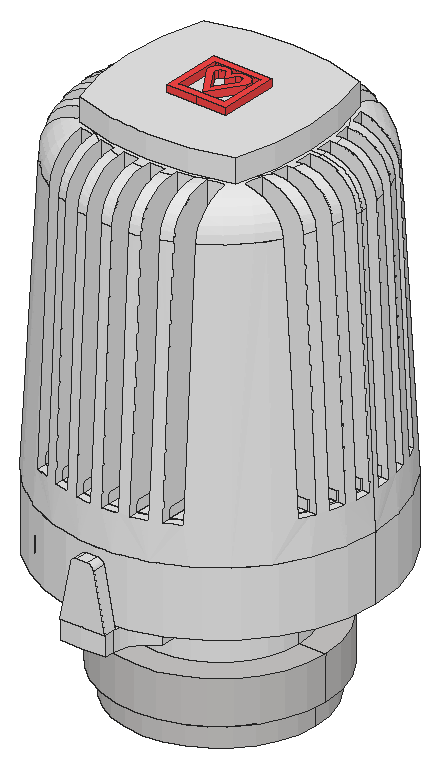
Revit family "Термостатическая головка HERZ, с присоединительной резьбой М 28х1.5, 7230", category Rohrzubehör, Revit 2019
Family settings
  Bemaßung runder Anschluss = Durchmesser verwenden
  Teiletyp = Normal
  OmniClass-Nummer = 23.65.55.14
  OmniClass-Titel = Valves for Liquid Services
  Arbeitsebenenbasiert = Nein
  Immer vertikal = Nein
  Beim Laden mit Abzugskörper schneiden = Nein
  Gemeinsam genutzt = Nein
Parameters
  Принцип действия = "HERZ-термостатическая головка является датчиком прямого регулирования.\r\nИзменение объема жидкости в HERZ-гидросенсоре приводит в движение шток клапана."
  Область применения = "Для монтажа на всех HERZ-клапанах, предназначенных для термостатической работы."
  Номер заказа = 1723006  # constant formula
  Маховик = "Пластик, белый"  # constant formula
  Исполнение = "Термостатическая головка с жидкостным датчиком (гидросенсором) с позициями теплового запираниия \"0\" и морозозащиты, с ограничением и блокировкой диапазона регулирования. Цвет маховика - белый."
  Диапазон регулирования = "0 - 28°C"  # constant formula
  Автоматическая защита от замерзания = "при прибл. 6 °C"  # constant formula
  W02 = 120.00°  # constant formula
  W01 = 135.00°  # constant formula
  URL = "www.herz-armaturen.ru"
  S02 = 60.000 mm  # constant formula
  S01 = H02 + H07  # 76.000 mm
  R07 = 6.000 mm  # constant formula
  R06 = 24.000 mm  # constant formula
  R05 = 16.350 mm  # constant formula
  R04 = 14.750 mm  # constant formula
  R03 = 13.200 mm  # constant formula
  R02 = 12.200 mm  # constant formula
  R01 = 22.400 mm  # constant formula
  Hersteller = "HERZ Armaturen Ges.m.b.H."  # constant formula
  H09 = 3.500 mm  # constant formula
  H08 = 10.000 mm  # constant formula
  H07 = 59.000 mm  # constant formula
  H06 = 3.000 mm  # constant formula
  H05 = 10.500 mm  # constant formula
  H03 = 5.500 mm  # constant formula
  H02 = 17.000 mm  # constant formula
  H01 = 34.000 mm  # constant formula
Reference planes
  plane 1 "Mitte (Vorne/hinten)": y = 0
  plane 2: z = 0
  plane 3 "Mitte (Links/rechts)": x = 0
Forms (mm)
  Revolve 1, solid, material "Kunststoff weiß", detail levels fine
    sketch origin (0, 0, 0) x (1, 0, 0) y (0, 0, 1)
      loop
        line (0, 0) -> (13.2, 0) -> (13.2, 4.5) -> (12.2, 5.5) -> (12.2, 17) -> (22.4, 17) -> (22.4, 34) -> (0, 34) -> (0, 0)
      axis (0, 34) -> (0, 0)
    angle from 0 to 360
  Revolve 2, solid, material "Messing verzinkt", detail levels fine
    sketch origin (0, 0, 0) x (1, 0, 0) y (0, 0, 1)
      loop
        line (0, 5.5) -> (13.2, 5.5) -> (13.2, -3.063) -> (14.75, -3.063) -> (14.75, -0.063) -> (16.35, 0.861) -> (16.35, 7.437) -> (0, 7.437) -> (0, 5.5)
      axis (0, 7.437) -> (0, -3.063)
    angle from 0 to 360
  Revolve 3, solid, material "Kunststoff weiß", detail levels fine
    sketch origin (0, 0, 0) x (1, 0, 0) y (0, 0, 1)
      loop
        line (0, 17) -> (24, 17) -> (24, 27) -> (21.791, 70.306)
        arc (21.791, 70.306) -> (19.931, 74.349) -> (15.798, 76) r 6
        line (15.798, 76) -> (0, 76) -> (0, 17)
      axis (0, 76) -> (0, 17)
    angle from 0 to 360
  Extrusion 4, void
    sketch origin (0, 0, 0) x (1, 0, 0) y (0, 1, 0)
      loop
        line (24.458, 0.8) -> (24.458, 3.2) -> (14.361, 3.2)
        arc (14.361, 3.2) -> (14.446, 2.001) -> (14.491, 0.8) r 37
        line (14.491, 0.8) -> (24.458, 0.8)
      loop
        line (24.458, 4.8) -> (24.458, 7.2) -> (13.793, 7.2)
        arc (13.793, 7.2) -> (14.01, 6.003) -> (14.187, 4.8) r 37
        line (14.187, 4.8) -> (24.458, 4.8)
      loop
        line (24.458, 8.8) -> (24.458, 11.2) -> (12.764, 11.2)
        arc (12.764, 11.2) -> (13.121, 10.006) -> (13.438, 8.8) r 37
        line (13.438, 8.8) -> (24.458, 8.8)
      loop
        line (24.458, -0.8) -> (14.491, -0.8)
        arc (14.491, -0.8) -> (14.446, -2.001) -> (14.361, -3.2) r 37
        line (14.361, -3.2) -> (24.458, -3.2) -> (24.458, -0.8)
      loop
        line (24.458, -4.8) -> (14.187, -4.8)
        arc (14.187, -4.8) -> (14.01, -6.003) -> (13.793, -7.2) r 37
        line (13.793, -7.2) -> (24.458, -7.2) -> (24.458, -4.8)
      loop
        line (24.458, -8.8) -> (13.438, -8.8)
        arc (13.438, -8.8) -> (13.121, -10.006) -> (12.764, -11.2) r 37
        line (12.764, -11.2) -> (24.458, -11.2) -> (24.458, -8.8)
      loop
        line (-24.458, 0.8) -> (-14.491, 0.8)
        arc (-14.491, 0.8) -> (-14.446, 2.001) -> (-14.361, 3.2) r 37
        line (-14.361, 3.2) -> (-24.458, 3.2) -> (-24.458, 0.8)
      loop
        line (-24.458, 4.8) -> (-14.187, 4.8)
        arc (-14.187, 4.8) -> (-14.01, 6.003) -> (-13.793, 7.2) r 37
        line (-13.793, 7.2) -> (-24.458, 7.2) -> (-24.458, 4.8)
      loop
        line (-24.458, 8.8) -> (-13.438, 8.8)
        arc (-13.438, 8.8) -> (-13.121, 10.006) -> (-12.764, 11.2) r 37
        line (-12.764, 11.2) -> (-24.458, 11.2) -> (-24.458, 8.8)
      loop
        line (-24.458, -0.8) -> (-24.458, -3.2) -> (-14.361, -3.2)
        arc (-14.361, -3.2) -> (-14.446, -2.001) -> (-14.491, -0.8) r 37
        line (-14.491, -0.8) -> (-24.458, -0.8)
      loop
        line (-24.458, -4.8) -> (-24.458, -7.2) -> (-13.793, -7.2)
        arc (-13.793, -7.2) -> (-14.01, -6.003) -> (-14.187, -4.8) r 37
        line (-14.187, -4.8) -> (-24.458, -4.8)
      loop
        line (-24.458, -8.8) -> (-24.458, -11.2) -> (-12.764, -11.2)
        arc (-12.764, -11.2) -> (-13.121, -10.006) -> (-13.438, -8.8) r 37
        line (-13.438, -8.8) -> (-24.458, -8.8)
      loop
        line (0.8, 24.458) -> (0.8, 14.491)
        arc (0.8, 14.491) -> (2.001, 14.446) -> (3.2, 14.361) r 37
        line (3.2, 14.361) -> (3.2, 24.458) -> (0.8, 24.458)
      loop
        line (4.8, 24.458) -> (4.8, 14.187)
        arc (4.8, 14.187) -> (6.003, 14.01) -> (7.2, 13.793) r 37
        line (7.2, 13.793) -> (7.2, 24.458) -> (4.8, 24.458)
      loop
        line (8.8, 24.458) -> (8.8, 13.438)
        arc (8.8, 13.438) -> (10.006, 13.121) -> (11.2, 12.764) r 37
        line (11.2, 12.764) -> (11.2, 24.458) -> (8.8, 24.458)
      loop
        line (-0.8, 24.458) -> (-3.2, 24.458) -> (-3.2, 14.361)
        arc (-3.2, 14.361) -> (-2.001, 14.446) -> (-0.8, 14.491) r 37
        line (-0.8, 14.491) -> (-0.8, 24.458)
      loop
        line (-4.8, 24.458) -> (-7.2, 24.458) -> (-7.2, 13.793)
        arc (-7.2, 13.793) -> (-6.003, 14.01) -> (-4.8, 14.187) r 37
        line (-4.8, 14.187) -> (-4.8, 24.458)
      loop
        line (-8.8, 24.458) -> (-11.2, 24.458) -> (-11.2, 12.764)
        arc (-11.2, 12.764) -> (-10.006, 13.121) -> (-8.8, 13.438) r 37
        line (-8.8, 13.438) -> (-8.8, 24.458)
      loop
        line (0.8, -24.458) -> (3.2, -24.458) -> (3.2, -14.361)
        arc (3.2, -14.361) -> (2.001, -14.446) -> (0.8, -14.491) r 37
        line (0.8, -14.491) -> (0.8, -24.458)
      loop
        line (4.8, -24.458) -> (7.2, -24.458) -> (7.2, -13.793)
        arc (7.2, -13.793) -> (6.003, -14.01) -> (4.8, -14.187) r 37
        line (4.8, -14.187) -> (4.8, -24.458)
      loop
        line (8.8, -24.458) -> (11.2, -24.458) -> (11.2, -12.764)
        arc (11.2, -12.764) -> (10.006, -13.121) -> (8.8, -13.438) r 37
        line (8.8, -13.438) -> (8.8, -24.458)
      loop
        line (-0.8, -24.458) -> (-0.8, -14.491)
        arc (-0.8, -14.491) -> (-2.001, -14.446) -> (-3.2, -14.361) r 37
        line (-3.2, -14.361) -> (-3.2, -24.458) -> (-0.8, -24.458)
      loop
        line (-4.8, -24.458) -> (-4.8, -14.187)
        arc (-4.8, -14.187) -> (-6.003, -14.01) -> (-7.2, -13.793) r 37
        line (-7.2, -13.793) -> (-7.2, -24.458) -> (-4.8, -24.458)
      loop
        line (-8.8, -24.458) -> (-8.8, -13.438)
        arc (-8.8, -13.438) -> (-10.006, -13.121) -> (-11.2, -12.764) r 37
        line (-11.2, -12.764) -> (-11.2, -24.458) -> (-8.8, -24.458)
    from 32.5 to 78
  Extrusion 5, solid, material "Kunststoff weiß", detail levels fine
    sketch origin (0, 0, 0) x (1, 0, 0) y (0, 1, 0)
      loop
        arc (12, 12) -> (0, 14) -> (-12, 12) r 37
        arc (-12, 12) -> (-14, 0) -> (-12, -12) r 37
        arc (-12, -12) -> (0, -14) -> (12, -12) r 37
        arc (12, -12) -> (14, 0) -> (12, 12) r 37
    from 76 to 79.5
  Extrusion 6, solid, material "Kunststoff weiß", detail levels fine
    sketch origin (0.017, -0.017, 0) x (0, -1, 0) y (1, 0, 0)
      loop
        line (14.714, 6.983) -> (14.714, -7.017) -> (19.645, -7.017)
        arc (19.645, -7.017) -> (21.761, -4.508) -> (24.882, -3.488) r 6
        line (24.882, -3.488) -> (26.272, -3.488)
        arc (26.272, -3.488) -> (26.5, 0) -> (26.267, 3.488) r 26.5
        line (26.267, 3.488) -> (24.882, 3.488)
        arc (24.882, 3.488) -> (21.777, 4.497) -> (19.66, 6.983) r 6
        line (19.66, 6.983) -> (14.714, 6.983)
    from 14 to 17
  Extrusion 7, solid, material "Kunststoff weiß", detail levels fine
    sketch origin (0.017, -0.017, 0) x (1, 0, 0) y (0, 0, 1)
      loop
        arc (-0.8, 26.1) -> (-1.432, 25.875) -> (-1.779, 25.302) r 1
        line (-1.779, 25.302) -> (-3.488, 17) -> (3.488, 17) -> (1.779, 25.302)
        arc (1.779, 25.302) -> (1.432, 25.875) -> (0.8, 26.1) r 1
        line (0.8, 26.1) -> (-0.8, 26.1)
    from 26.5 to 24.5
Cuts and joins
  Extrusion 4 cuts Revolve 1
  Extrusion 4 cuts Revolve 3
Lines and regions (mm)
  model lines, detail levels coarse+medium
    curve 1: line (0, 0, 0) -> (0, 0, 16)
    curve 2: line (0, 0, 0) -> (0, 16, 0)
    curve 3: circle (0, 0, 46) r 30 normal (0, -1, 0)
    curve 4: circle (0, 0, 46) r 30 normal (1, 0, 0)
    curve 5: line (0, 0, 26) -> (0, 0, 66)
    curve 6: line (0, 17.5, 66) -> (0, -17.5, 66)
    curve 7: line (0, 0, 26) -> (0, 0, 66)
    curve 8: line (-17.5, 0, 66) -> (17.5, 0, 66)
    curve 9: circle (0, 46, 0) r 30 normal (0, 0, 1)
    curve 10: line (0, 26, 0) -> (0, 66, 0)
    curve 11: line (-17.5, 66, 0) -> (17.5, 66, 0)
Dimensions and locks
  "H01": Revolve 1 sketch curve to Revolve 1 sketch curve
  "H02": Revolve 1 sketch curve to Revolve 1 sketch curve
  "H03": Revolve 1 sketch curve to Revolve 1 sketch curve
  "R01": Revolve 1 sketch curve to Revolve 1 sketch curve
  "R02": Revolve 1 sketch curve to Revolve 1 sketch curve
  "R03": Revolve 1 sketch curve to Revolve 1 sketch curve
  "H05": Revolve 2 sketch curve to Revolve 2 sketch curve
  "H06": Revolve 2 sketch curve to Revolve 2 sketch curve
  "H03": Revolve 2 sketch curve to plane 2
  "R04": Revolve 2 sketch curve to plane 3 "Mitte (Links/rechts)"
  "R03": plane 3 "Mitte (Links/rechts)" to Revolve 2 sketch curve
  "R05": Revolve 2 sketch curve to plane 3 "Mitte (Links/rechts)"
  "H08": Revolve 3 sketch curve to Revolve 3 sketch curve
  "R06": Revolve 3 sketch curve to Revolve 3 sketch curve
  "H02": Revolve 3 sketch curve to plane 2
  "H07": Revolve 3 sketch curve to Revolve 3 sketch curve
  "S01": curve 4 to plane 2
  "S01": curve 3 to plane 2
  "S01": plane 1 "Mitte (Vorne/hinten)" to curve 9
  "R07": radius of Revolve 3 sketch curve
  "S02": diameter of curve 3
  "S02": diameter of curve 4
  "S02": diameter of curve 9
  "W01": angle Revolve 1 sketch curve to Revolve 1 sketch curve
  "W02": angle Revolve 2 sketch curve to Revolve 2 sketch curve
  aligned and locked: level to plane 2
Automatic sketch dimensions
  plane 1 "Mitte (Vorne/hinten)" to Extrusion 5 sketch curve = 0.000 mm  (x2)
  Extrusion 5 sketch curve to plane 3 "Mitte (Links/rechts)" = 0.000 mm  (x2)
  Extrusion 5 sketch curve to plane 3 "Mitte (Links/rechts)" = 23.000 mm
  plane 3 "Mitte (Links/rechts)" to Extrusion 5 sketch curve = 23.000 mm
  plane 1 "Mitte (Vorne/hinten)" to Extrusion 5 sketch curve = 23.000 mm
  Extrusion 5 sketch curve to plane 1 "Mitte (Vorne/hinten)" = 23.000 mm
  Extrusion 5 sketch curve to plane 3 "Mitte (Links/rechts)" = 12.000 mm  (x2)
  plane 3 "Mitte (Links/rechts)" to Extrusion 5 sketch curve = 12.000 mm
  plane 1 "Mitte (Vorne/hinten)" to Extrusion 5 sketch curve = 12.000 mm
  Extrusion 4 sketch curve to Extrusion 4 sketch curve = 0.000 mm  (x58)
  plane 1 "Mitte (Vorne/hinten)" to Extrusion 4 sketch curve = 0.000 mm  (x2)
  Extrusion 4 sketch curve to plane 3 "Mitte (Links/rechts)" = 0.000 mm  (x2)
  Extrusion 4 sketch curve to plane 3 "Mitte (Links/rechts)" = 0.800 mm  (x2)
  Extrusion 4 sketch curve to Extrusion 4 sketch curve = 2.400 mm  (x12)
  Extrusion 4 sketch curve to Extrusion 4 sketch curve = 1.600 mm  (x16)
  Extrusion 4 sketch curve to Extrusion 4 sketch curve = 1.564 mm  (x8)
  Extrusion 4 sketch curve to Extrusion 4 sketch curve = 0.674 mm  (x5)
  Extrusion 4 sketch curve to Extrusion 4 sketch curve = 0.354 mm  (x8)
  Extrusion 4 sketch curve to Extrusion 4 sketch curve = 0.395 mm  (x4)
  Extrusion 4 sketch curve to Extrusion 4 sketch curve = 0.174 mm  (x8)
  plane 1 "Mitte (Vorne/hinten)" to Extrusion 4 sketch curve = 0.800 mm  (x2)
  Extrusion 4 sketch curve to Extrusion 4 sketch curve = 0.130 mm  (x2)
  Extrusion 4 sketch curve to plane 1 "Mitte (Vorne/hinten)" = 0.800 mm  (x2)
  Extrusion 4 sketch curve to Extrusion 4 sketch curve = 8.009 mm  (x3)
  Extrusion 4 sketch curve to Extrusion 4 sketch curve = 1.958 mm  (x7)
  plane 3 "Mitte (Links/rechts)" to Extrusion 4 sketch curve = 0.800 mm  (x2)
  Extrusion 4 sketch curve to Extrusion 4 sketch curve = 11.019 mm
  Extrusion 6 sketch curve to plane 3 "Mitte (Links/rechts)" = 0.000 mm
  plane 1 "Mitte (Vorne/hinten)" to Extrusion 6 sketch curve = 0.017 mm
  Extrusion 6 sketch curve to plane 3 "Mitte (Links/rechts)" = 7.000 mm
  plane 1 "Mitte (Vorne/hinten)" to Extrusion 6 sketch curve = 14.731 mm
  Extrusion 6 sketch curve to Extrusion 6 sketch curve = 4.930 mm
  Extrusion 6 sketch curve to Extrusion 6 sketch curve = 4.946 mm
  Extrusion 6 sketch curve to plane 3 "Mitte (Links/rechts)" = 3.471 mm
  Extrusion 6 sketch curve to Extrusion 6 sketch curve = 5.237 mm
  Extrusion 6 sketch curve to Extrusion 6 sketch curve = 5.222 mm
  Extrusion 6 sketch curve to Extrusion 6 sketch curve = 5.470 mm
  Extrusion 6 sketch curve to Extrusion 6 sketch curve = 0.233 mm
  Extrusion 6 sketch curve to Extrusion 6 sketch curve = 1.390 mm
  plane 3 "Mitte (Links/rechts)" to Extrusion 6 sketch curve = 3.505 mm
  Extrusion 6 sketch curve to Extrusion 6 sketch curve = 3.495 mm
  Extrusion 6 sketch curve to Extrusion 6 sketch curve = 0.000 mm
  Extrusion 7 sketch curve to plane 3 "Mitte (Links/rechts)" = 3.471 mm
  Extrusion 7 sketch curve to plane 3 "Mitte (Links/rechts)" = 1.763 mm
  Extrusion 7 sketch curve to plane 3 "Mitte (Links/rechts)" = 0.783 mm
  plane 3 "Mitte (Links/rechts)" to Extrusion 7 sketch curve = 0.817 mm
  Extrusion 7 sketch curve to Extrusion 7 sketch curve = 0.979 mm
  plane 3 "Mitte (Links/rechts)" to Extrusion 7 sketch curve = 3.505 mm
  level to Extrusion 7 sketch curve = 17.000 mm
  Extrusion 7 sketch curve to Extrusion 7 sketch curve = 8.100 mm
  Extrusion 7 sketch curve to Extrusion 7 sketch curve = 0.000 mm
  Extrusion 7 sketch curve to Extrusion 7 sketch curve = 0.202 mm
  curve 5 to plane 1 "Mitte (Vorne/hinten)" = 0.000 mm
  curve 4 to plane 1 "Mitte (Vorne/hinten)" = 0.000 mm
  plane 1 "Mitte (Vorne/hinten)" to curve 6 = 17.500 mm
  curve 5 to curve 6 = 17.500 mm
  curve 5 to curve 4 = 20.000 mm
  curve 4 to curve 6 = 20.000 mm
  curve 3 to plane 3 "Mitte (Links/rechts)" = 0.000 mm
  curve 7 to plane 3 "Mitte (Links/rechts)" = 0.000 mm
  curve 1 to plane 3 "Mitte (Links/rechts)" = 0.000 mm
  curve 1 to level = 0.000 mm
  curve 8 to plane 3 "Mitte (Links/rechts)" = 17.500 mm
  curve 7 to curve 8 = 17.500 mm
  curve 1 to curve 7 = 10.000 mm
  curve 3 to curve 8 = 20.000 mm
  curve 9 to plane 3 "Mitte (Links/rechts)" = 0.000 mm
  curve 10 to plane 3 "Mitte (Links/rechts)" = 0.000 mm
  curve 2 to plane 3 "Mitte (Links/rechts)" = 0.000 mm
  plane 1 "Mitte (Vorne/hinten)" to curve 2 = 0.000 mm
  curve 11 to curve 10 = 17.500 mm
  plane 3 "Mitte (Links/rechts)" to curve 11 = 17.500 mm
  curve 2 to curve 10 = 10.000 mm
  curve 9 to curve 11 = 20.000 mm
  Revolve 1 sketch curve to level = 0.000 mm
  Revolve 1 sketch curve to plane 3 "Mitte (Links/rechts)" = 0.000 mm  (x2)
  Revolve 1 sketch curve to level = 366.045 mm
  Revolve 1 sketch curve to Revolve 1 sketch curve = 2180.315 mm
  Revolve 2 sketch curve to plane 3 "Mitte (Links/rechts)" = 0.000 mm  (x2)
  level to Revolve 2 sketch curve = 0.861 mm
  Revolve 2 sketch curve to Revolve 2 sketch curve = 362.982 mm
  Revolve 2 sketch curve to Revolve 2 sketch curve = 2206.878 mm
  Revolve 3 sketch curve to plane 3 "Mitte (Links/rechts)" = 0.000 mm  (x2)
  plane 3 "Mitte (Links/rechts)" to Revolve 3 sketch curve = 15.798 mm
  Revolve 3 sketch curve to Revolve 3 sketch curve = 5.992 mm
  Revolve 3 sketch curve to level = 366.045 mm
  Revolve 3 sketch curve to Revolve 3 sketch curve = 2138.315 mm
Nested families
  nested 1: "Herz-Logo" at (0, 0, 79), type "Herz-Logo", detail levels fine
Definition of nested family "Herz-Logo"
  Reference planes
    plane 1 "Mitte (Vorne/hinten)": y = 0
    plane 2: z = 0
    plane 3 "Mitte (Links/rechts)": x = 0
  Forms (mm)
    Extrusion 1, solid
      sketch origin (0, 0, 0) x (1, 0, 0) y (0, 1, 0)
        loop
          line (-0.018, -4.517) -> (4.482, -4.517) -> (4.482, 4.483) -> (-4.518, 4.483) -> (-4.518, -4.517) -> (-0.018, -4.517)
        loop
          line (-0.05, -3.48) -> (3.482, -3.48) -> (3.482, 3.483) -> (-3.518, 3.483) -> (-3.518, -3.48) -> (-0.05, -3.48)
        loop
          arc (-0.018, 2.383) -> (-1.543, 3.287) -> (-3.067, 2.383) r 1.738
          arc (-3.067, 2.383) -> (-3.191, 1.899) -> (-3.067, 1.415) r 1.009
          line (-3.067, 1.415) -> (-0.018, -3.281) -> (3.032, 1.415)
          arc (3.032, 1.415) -> (3.156, 1.899) -> (3.032, 2.383) r 1.009
          arc (3.032, 2.383) -> (1.507, 3.287) -> (-0.018, 2.383) r 1.738
        loop
          arc (1.885, 1.272) -> (2.005, 1.675) -> (1.885, 2.079) r 0.74
          arc (1.885, 2.079) -> (1.265, 2.416) -> (0.644, 2.079) r 0.74
          line (0.644, 2.079) -> (-0.018, 0.97) -> (-0.679, 2.079)
          arc (-0.679, 2.079) -> (-1.3, 2.416) -> (-1.921, 2.079) r 0.74
          arc (-1.921, 2.079) -> (-2.04, 1.675) -> (-1.921, 1.272) r 0.74
          line (-1.921, 1.272) -> (-0.018, -1.658) -> (1.885, 1.272)
      from 0 to 1.5
  Dimensions and locks
    aligned and locked: level to plane 2
